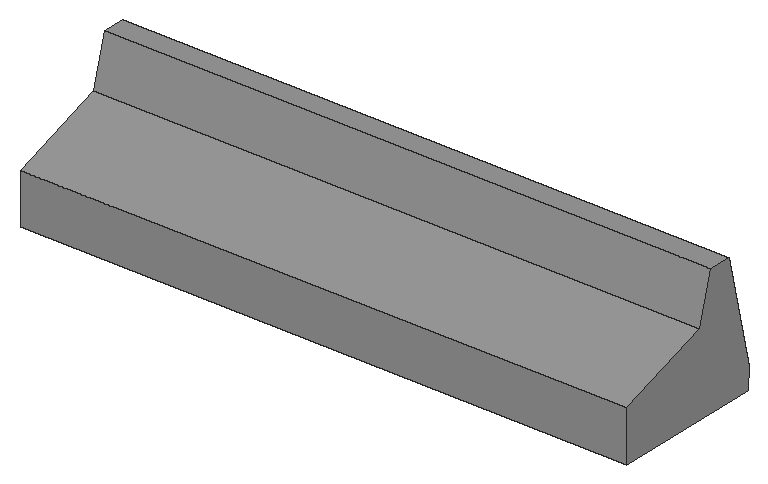
Revit family "Surgical_Scrub_Sink-Willoughby-WSSS-ADA-3", category Plumbing Fixtures, Revit 2015
Parameters (values of type "Standard")
  Waste DIA = 1 1/2"
  Waste Connection = yes
  Vent Connection = no
  URL = "https://www.willoughby-ind.com/wp-content/uploads/2018/01/WSSS-ADA.pdf"
  Revision = "A"
  Model = "WSSS-ADA-3"
  Manufacturer = "Willoughby Industries"
  HW Connection = no
  Fixture Body = Stainless Steel AISI 304-Willoughby
  Description = "ADA-Compliant Surgical Scrub Sink, Three Station"
  Default Elevation = 0' - 0"
  Contact = "800-428-4065"
  CW Connection = no
Reference planes (in)
  plane 1 "Center (Front/Back)": y = 0
  plane 2: z = 0
  plane 3 "Center (Left/Right)": x = 0
  plane 4 "Waste HGT": y = 25
  plane 5 "Bottom Of Sink": y = 16.75
  plane 6 "Top Of Unit": y = 56
  plane 7: x = -16
  plane 8: x = 16
  plane 9: x = -14
  plane 10: x = 14
Forms (in)
  Extrusion 1, solid, material "Stainless Steel AISI 304-Willoughby" <- "Fixture Body"
    sketch origin (0, 0, 0) x (0, 1, 0) y (0, 0, 1)
      loop
        line (15.75, 0) -> (42.75, 0) -> (42.75, 3.9375) -> (32.5625, 3.9375) -> (32.5625, 13.4375) -> (39.01384, 20.69526) -> (38.5, 23) -> (34.5, 23) -> (32, 14.5) -> (15.75, 9) -> (15.75, 0)
    from -52.5 to 52.5
  Extrusion 2, solid, material "Stainless Steel AISI 304-Willoughby" <- "Fixture Body"
    sketch origin (0, 0, 0) x (0, 1, 0) y (0, 0, 1)
      loop
        line (15.75, 9) -> (15.75, 0) -> (42.75, 0) -> (42.75, 3.9375) -> (38.5, 23) -> (34.5, 23) -> (32, 14.5) -> (15.75, 9)
    from -52.5 to -54
  Extrusion 3, solid, material "Stainless Steel AISI 304-Willoughby" <- "Fixture Body"
    sketch origin (0, 0, 0) x (0, 1, 0) y (0, 0, 1)
      loop
        line (15.75, 0) -> (42.75, 0) -> (42.75, 3.9375) -> (38.5, 23) -> (34.5, 23) -> (32, 14.5) -> (15.75, 9) -> (15.75, 0)
    from 54 to 52.5
  Revolve 4, solid, material "Stainless Steel AISI 304-Willoughby" <- "Fixture Body", detail levels fine
    sketch origin (-3.125, 25, 0) x (-1, 0, 0) y (0, 0, 1)
      loop
        line (0, 0) -> (0.75, 0) -> (0.75, 3.5) -> (0, 3.5) -> (0, 0)
      axis (0, 3.5) -> (0, 0)
    angle from 0 to 360
  Sweep 5, solid
    path origin (0, -9.24468, 19.22696) x (0, 0.906308, -0.422618) y (0, 0.422618, 0.906308)
      loop
        line (54.41518, 6.33615) -> (61.18417, 9.49258)
        arc (61.18417, 9.49258) -> (62.55966, 13.27172) -> (58.78053, 14.64721) r 2.84375
        line (58.78053, 14.64721) -> (57.67596, 14.13214)
    profile origin (0, 46.48437, 1.97261) x (0, 0, 1) y (1, 0, 0)
      loop
        circle (-0.00386, -36) r 0.375
  Extrusion 6, solid
    sketch origin (15, 0, 0) x (1, 0, 0) y (0, 1, 0)
      loop
        circle (-6, 25) r 0.25
      loop
        circle (-9, 25) r 0.25
    from 0 to 1
  Sweep 7, solid
    path origin (54, -9.24468, 19.22696) x (0, 0.906308, -0.422618) y (0, 0.422618, 0.906308)
      loop
        line (54.41518, 6.33615) -> (61.18417, 9.49258)
        arc (61.18417, 9.49258) -> (62.55966, 13.27172) -> (58.78053, 14.64721) r 2.84375
        line (58.78053, 14.64721) -> (57.67596, 14.13214)
    profile origin (54, 46.48437, 1.97261) x (0, 0, 1) y (1, 0, 0)
      loop
        circle (-0.00386, -18) r 0.375
  Extrusion 8, solid
    sketch origin (17.875, 0, 0) x (0, 1, 0) y (0, 0, 1)
      loop
        line (42.75, 3.9375) -> (39.01384, 20.69526) -> (34.625, 15.75781) -> (34.625, 3.9375) -> (42.75, 3.9375)
    from -0.125 to 0.125
  Extrusion 9, solid
    sketch origin (-15, 0, 0) x (1, 0, 0) y (0, 1, 0)
      loop
        circle (-6, 25) r 0.25
      loop
        circle (-9, 25) r 0.25
    from 0 to 1
  Extrusion 10, solid
    sketch origin (-17.875, 0, 0) x (0, 1, 0) y (0, 0, 1)
      loop
        line (42.75, 3.9375) -> (39.01384, 20.69526) -> (34.625, 15.75781) -> (34.625, 3.9375) -> (42.75, 3.9375)
    from -0.125 to 0.125
  Sweep 11, solid
    path origin (36, -9.24468, 19.22696) x (0, 0.906308, -0.422618) y (0, 0.422618, 0.906308)
      loop
        line (54.41518, 6.33615) -> (61.18417, 9.49258)
        arc (61.18417, 9.49258) -> (62.55966, 13.27172) -> (58.78053, 14.64721) r 2.84375
        line (58.78053, 14.64721) -> (57.67596, 14.13214)
    profile origin (36, 46.48437, 1.97261) x (0, 0, 1) y (1, 0, 0)
      loop
        circle (-0.00386, -36) r 0.375
Cuts and joins
  joined: Extrusion 1, Extrusion 2, Extrusion 3
Lines and regions (in)
  symbolic lines
    curve 1: line (16, 56, 0) -> (16, 16.75, 0)
    curve 2: line (16, 16.75, 0) -> (-16, 16.75, 0)
    curve 3: line (-16, 16.75, 0) -> (-16, 56, 0)
    curve 4: line (-16, 56, 0) -> (16, 56, 0)
    curve 14: line (0, 44.77947, 27) -> (0, 16.75, 27)
    curve 15: line (0, 16.75, 27) -> (0, 16.75, 0)
    curve 16: line (0, 16.75, 0) -> (0, 56, 0)
    curve 17: line (0, 56, 0) -> (0, 56, 2.9375)
    curve 18: line (0, 56, 2.9375) -> (0, 44.77947, 27)
    curve 19: line (-16, 25, 0) -> (16, 25, 0)
    curve 20: line (16, 25, 0) -> (16, 25, 27)
    curve 21: line (16, 25, 27) -> (-16, 25, 27)
    curve 22: line (-16, 25, 27) -> (-16, 25, 0)
    curve 23: line (16, 25, 2.9375) -> (-16, 25, 2.9375)
  symbolic lines, detail levels medium+fine
    curve 5: line (14, 52.8125, 0) -> (14, 32.125, 0)
    curve 6: line (14, 32.125, 0) -> (-14, 32.125, 0)
    curve 7: line (-14, 32.125, 0) -> (-14, 52.8125, 0)
    curve 8: line (-14, 52.8125, 0) -> (14, 52.8125, 0)
    curve 24: line (14, 25, 8.25) -> (14, 25, 25.25)
    curve 25: line (14, 25, 25.25) -> (-14, 25, 25.25)
    curve 26: line (-14, 25, 25.25) -> (-14, 25, 8.25)
    curve 27: line (-14, 25, 8.25) -> (14, 25, 8.25)
  symbolic lines, detail levels fine
    curve 9: line (-14, 48.4375, 0) -> (14, 48.4375, 0)
    curve 10: line (-14, 40.9375, 0) -> (14, 40.9375, 0)
    curve 11: line (-14, 34.9375, 0) -> (14, 34.9375, 0)
    curve 12: line (-16, 44.77947, 0) -> (-14, 44.77947, 0)
    curve 13: line (14, 44.77947, 0) -> (16, 44.77947, 0)
    curve 28: line (14, 25, 14.6875) -> (-14, 25, 14.6875)
    curve 29: line (-14, 25, 9.77312) -> (14, 25, 9.77312)
Dimensions and locks (in)
  cut or joined group of Extrusion 1, Extrusion 2, Extrusion 3 to cut or joined group of Extrusion 1, Extrusion 2, Extrusion 3 = 8' - 10 1/2"
  aligned and locked: Revolve 4 sketch curve to Revolve 4 sketch curve  (x2)
  aligned and locked: Extrusion 1 to Extrusion 3
Connectors (in)
  piping at (-3.125, 25, 0), diameter 1.5, driven by "Waste DIA", driven by "Waste Connection"
    settings: on Revolve 4, index 1, connector inside diameter 24", connector length 0' - 0", flow factor 0, pipe flow 0 GPM, pressure drop 0.00 psi, fitting loss kfactor 0, connector angle 0.00°, fixture units 0, engagement length 0' - 0", angle of deflection 0.00°, flow configuration 0, flow direction 2, fitting loss method 0, system type 16, joint type 0, gender type 0, connector reference index -1, connector utility 1, adjustable connector no, is connector primary yes, connector description "Sink Waste"
  piping at (9, 25, 1), diameter 0.5
    settings: on Extrusion 6, index 2, connector inside diameter 24", connector length 0' - 0", flow factor 0, pipe flow 0 GPM, pressure drop 0.00 psi, fitting loss kfactor 0, connector angle 0.00°, fixture units 0, engagement length 0' - 0", angle of deflection 0.00°, flow configuration 0, flow direction 0, fitting loss method 0, system type 20, joint type 0, gender type 0, connector reference index -1, connector utility 0, adjustable connector no, is connector primary no, connector description ""
  piping at (6, 25, 1), diameter 0.5
    settings: on Extrusion 6, index 3, connector inside diameter 24", connector length 0' - 0", flow factor 0, pipe flow 0 GPM, pressure drop 0.00 psi, fitting loss kfactor 0, connector angle 0.00°, fixture units 0, engagement length 0' - 0", angle of deflection 0.00°, flow configuration 0, flow direction 0, fitting loss method 0, system type 19, joint type 0, gender type 0, connector reference index -1, connector utility 0, adjustable connector no, is connector primary no, connector description ""
  piping at (-24, 25, 1), diameter 0.5
    settings: on Extrusion 9, index 4, connector inside diameter 24", connector length 0' - 0", flow factor 0, pipe flow 0 GPM, pressure drop 0.00 psi, fitting loss kfactor 0, connector angle 0.00°, fixture units 0, engagement length 0' - 0", angle of deflection 0.00°, flow configuration 0, flow direction 0, fitting loss method 0, system type 19, joint type 0, gender type 0, connector reference index -1, connector utility 0, adjustable connector no, is connector primary no, connector description ""
  piping at (-21, 25, 1), diameter 0.5
    settings: on Extrusion 9, index 5, connector inside diameter 24", connector length 0' - 0", flow factor 0, pipe flow 0 GPM, pressure drop 0.00 psi, fitting loss kfactor 0, connector angle 0.00°, fixture units 0, engagement length 0' - 0", angle of deflection 0.00°, flow configuration 0, flow direction 0, fitting loss method 0, system type 20, joint type 0, gender type 0, connector reference index -1, connector utility 0, adjustable connector no, is connector primary no, connector description ""
